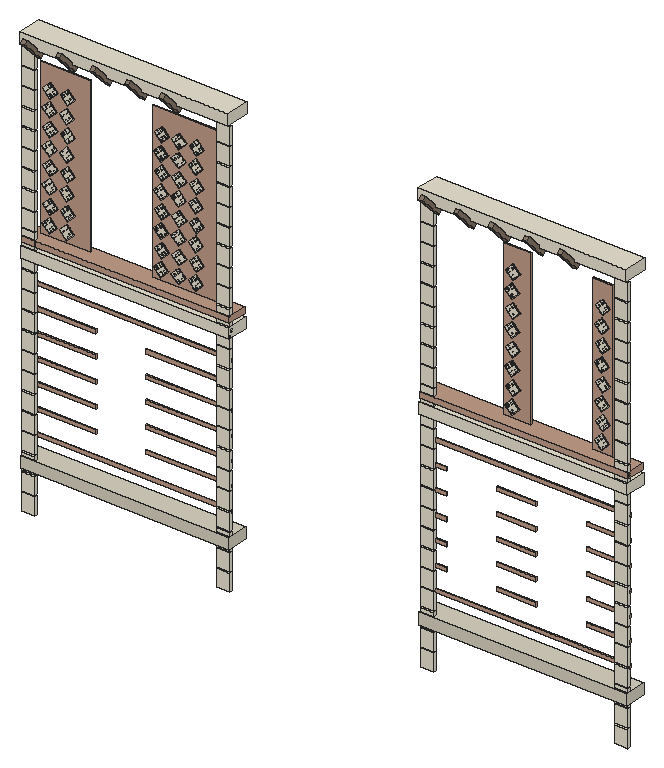
Revit family "AM_Detail_01_Masonry__observed_fronts", category Generic Models, Revit 2025 (continued)
Forms (mm)
  Extrusion 243, solid, material "AM Ivory carved stone"
    sketch origin (-3510, -6031, 6675) x (0, 0, 1) y (1, 0, 0)
      loop
        line (0, 0) -> (-55, 55) -> (-110, 0) -> (-55, -55) -> (0, 0)
    from 0 to 9
  Extrusion 244, solid, material "AM Ivory carved stone"
    sketch origin (-3290, -6031, 6675) x (0, 0, 1) y (1, 0, 0)
      loop
        line (0, 0) -> (-55, 55) -> (-110, 0) -> (-55, -55) -> (0, 0)
    from 0 to 9
  Extrusion 245, solid, material "AM Ivory carved stone"
    sketch origin (-3400, -6031, 6565) x (0, 0, 1) y (1, 0, 0)
      loop
        line (0, 0) -> (-55, 55) -> (-110, 0) -> (-55, -55) -> (0, 0)
    from 0 to 9
  Extrusion 246, solid, material "AM Ivory carved stone"
    sketch origin (-3400, -6031, 6785) x (0, 0, 1) y (1, 0, 0)
      loop
        line (0, 0) -> (-55, 55) -> (-110, 0) -> (-55, -55) -> (0, 0)
    from 0 to 9
  Extrusion 247, solid, material "AM Ivory carved stone"
    sketch origin (-3000, -6031, 6785) x (0, 0, 1) y (1, 0, 0)
      loop
        line (0, 0) -> (-165, 165) -> (-330, 0) -> (-165, -165) -> (0, 0)
    from 0 to 9
  Extrusion 248, solid, material "AM Ivory carved stone"
    sketch origin (-3110, -6031, 6675) x (0, 0, 1) y (1, 0, 0)
      loop
        line (0, 0) -> (-55, 55) -> (-110, 0) -> (-55, -55) -> (0, 0)
    from 0 to 9
  Extrusion 249, solid, material "AM Ivory carved stone"
    sketch origin (-2890, -6031, 6675) x (0, 0, 1) y (1, 0, 0)
      loop
        line (0, 0) -> (-55, 55) -> (-110, 0) -> (-55, -55) -> (0, 0)
    from 0 to 9
  Extrusion 250, solid, material "AM Ivory carved stone"
    sketch origin (-3000, -6031, 6565) x (0, 0, 1) y (1, 0, 0)
      loop
        line (0, 0) -> (-55, 55) -> (-110, 0) -> (-55, -55) -> (0, 0)
    from 0 to 9
  Extrusion 251, solid, material "AM Ivory carved stone"
    sketch origin (-3000, -6031, 6785) x (0, 0, 1) y (1, 0, 0)
      loop
        line (0, 0) -> (-55, 55) -> (-110, 0) -> (-55, -55) -> (0, 0)
    from 0 to 9
  Extrusion 252, solid, material "AM Ivory carved stone"
    sketch origin (-3820, -6031, 7185) x (0, 0, 1) y (1, 0, 0)
      loop
        line (0, 0) -> (-165, 165) -> (-330, 0) -> (-165, -165) -> (0, 0)
    from 0 to 9
  Extrusion 253, solid, material "AM Ivory carved stone"
    sketch origin (-3930, -6031, 7075) x (0, 0, 1) y (1, 0, 0)
      loop
        line (0, 0) -> (-55, 55) -> (-110, 0) -> (-55, -55) -> (0, 0)
    from 0 to 9
  Extrusion 254, solid, material "AM Ivory carved stone"
    sketch origin (-3710, -6031, 7075) x (0, 0, 1) y (1, 0, 0)
      loop
        line (0, 0) -> (-55, 55) -> (-110, 0) -> (-55, -55) -> (0, 0)
    from 0 to 9
  Extrusion 255, solid, material "AM Ivory carved stone"
    sketch origin (-3820, -6031, 6965) x (0, 0, 1) y (1, 0, 0)
      loop
        line (0, 0) -> (-55, 55) -> (-110, 0) -> (-55, -55) -> (0, 0)
    from 0 to 9
  Extrusion 256, solid, material "AM Ivory carved stone"
    sketch origin (-3820, -6031, 7185) x (0, 0, 1) y (1, 0, 0)
      loop
        line (0, 0) -> (-55, 55) -> (-110, 0) -> (-55, -55) -> (0, 0)
    from 0 to 9
  Extrusion 257, solid, material "AM Ivory carved stone"
    sketch origin (-3420, -6031, 7185) x (0, 0, 1) y (1, 0, 0)
      loop
        line (0, 0) -> (-165, 165) -> (-330, 0) -> (-165, -165) -> (0, 0)
    from 0 to 9
  Extrusion 258, solid, material "AM Ivory carved stone"
    sketch origin (-3530, -6031, 7075) x (0, 0, 1) y (1, 0, 0)
      loop
        line (0, 0) -> (-55, 55) -> (-110, 0) -> (-55, -55) -> (0, 0)
    from 0 to 9
  Extrusion 259, solid, material "AM Ivory carved stone"
    sketch origin (-3310, -6031, 7075) x (0, 0, 1) y (1, 0, 0)
      loop
        line (0, 0) -> (-55, 55) -> (-110, 0) -> (-55, -55) -> (0, 0)
    from 0 to 9
  Extrusion 260, solid, material "AM Ivory carved stone"
    sketch origin (-3420, -6031, 6965) x (0, 0, 1) y (1, 0, 0)
      loop
        line (0, 0) -> (-55, 55) -> (-110, 0) -> (-55, -55) -> (0, 0)
    from 0 to 9
  Extrusion 261, solid, material "AM Ivory carved stone"
    sketch origin (-3420, -6031, 7185) x (0, 0, 1) y (1, 0, 0)
      loop
        line (0, 0) -> (-55, 55) -> (-110, 0) -> (-55, -55) -> (0, 0)
    from 0 to 9
  Extrusion 262, solid, material "AM Ivory carved stone"
    sketch origin (-3020, -6031, 7185) x (0, 0, 1) y (1, 0, 0)
      loop
        line (0, 0) -> (-165, 165) -> (-330, 0) -> (-165, -165) -> (0, 0)
    from 0 to 9
  Extrusion 263, solid, material "AM Ivory carved stone"
    sketch origin (-3130, -6031, 7075) x (0, 0, 1) y (1, 0, 0)
      loop
        line (0, 0) -> (-55, 55) -> (-110, 0) -> (-55, -55) -> (0, 0)
    from 0 to 9
  Extrusion 264, solid, material "AM Ivory carved stone"
    sketch origin (-2910, -6031, 7075) x (0, 0, 1) y (1, 0, 0)
      loop
        line (0, 0) -> (-55, 55) -> (-110, 0) -> (-55, -55) -> (0, 0)
    from 0 to 9
  Extrusion 265, solid, material "AM Ivory carved stone"
    sketch origin (-3020, -6031, 6965) x (0, 0, 1) y (1, 0, 0)
      loop
        line (0, 0) -> (-55, 55) -> (-110, 0) -> (-55, -55) -> (0, 0)
    from 0 to 9
  Extrusion 266, solid, material "AM Ivory carved stone"
    sketch origin (-3020, -6031, 7185) x (0, 0, 1) y (1, 0, 0)
      loop
        line (0, 0) -> (-55, 55) -> (-110, 0) -> (-55, -55) -> (0, 0)
    from 0 to 9
  Extrusion 267, solid, material "AM Ivory carved stone"
    sketch origin (-3800, -6031, 7585) x (0, 0, 1) y (1, 0, 0)
      loop
        line (0, 0) -> (-165, 165) -> (-330, 0) -> (-165, -165) -> (0, 0)
    from 0 to 9
  Extrusion 268, solid, material "AM Ivory carved stone"
    sketch origin (-3910, -6031, 7475) x (0, 0, 1) y (1, 0, 0)
      loop
        line (0, 0) -> (-55, 55) -> (-110, 0) -> (-55, -55) -> (0, 0)
    from 0 to 9
  Extrusion 269, solid, material "AM Ivory carved stone"
    sketch origin (-3690, -6031, 7475) x (0, 0, 1) y (1, 0, 0)
      loop
        line (0, 0) -> (-55, 55) -> (-110, 0) -> (-55, -55) -> (0, 0)
    from 0 to 9
  Extrusion 270, solid, material "AM Ivory carved stone"
    sketch origin (-3800, -6031, 7365) x (0, 0, 1) y (1, 0, 0)
      loop
        line (0, 0) -> (-55, 55) -> (-110, 0) -> (-55, -55) -> (0, 0)
    from 0 to 9
  Extrusion 271, solid, material "AM Ivory carved stone"
    sketch origin (-3800, -6031, 7585) x (0, 0, 1) y (1, 0, 0)
      loop
        line (0, 0) -> (-55, 55) -> (-110, 0) -> (-55, -55) -> (0, 0)
    from 0 to 9
  Extrusion 272, solid, material "AM Ivory carved stone"
    sketch origin (-3400, -6031, 7585) x (0, 0, 1) y (1, 0, 0)
      loop
        line (0, 0) -> (-165, 165) -> (-330, 0) -> (-165, -165) -> (0, 0)
    from 0 to 9
  Extrusion 273, solid, material "AM Ivory carved stone"
    sketch origin (-3510, -6031, 7475) x (0, 0, 1) y (1, 0, 0)
      loop
        line (0, 0) -> (-55, 55) -> (-110, 0) -> (-55, -55) -> (0, 0)
    from 0 to 9
  Extrusion 274, solid, material "AM Ivory carved stone"
    sketch origin (-3290, -6031, 7475) x (0, 0, 1) y (1, 0, 0)
      loop
        line (0, 0) -> (-55, 55) -> (-110, 0) -> (-55, -55) -> (0, 0)
    from 0 to 9
  Extrusion 275, solid, material "AM Ivory carved stone"
    sketch origin (-3400, -6031, 7365) x (0, 0, 1) y (1, 0, 0)
      loop
        line (0, 0) -> (-55, 55) -> (-110, 0) -> (-55, -55) -> (0, 0)
    from 0 to 9
  Extrusion 276, solid, material "AM Ivory carved stone"
    sketch origin (-3400, -6031, 7585) x (0, 0, 1) y (1, 0, 0)
      loop
        line (0, 0) -> (-55, 55) -> (-110, 0) -> (-55, -55) -> (0, 0)
    from 0 to 9
  Extrusion 277, solid, material "AM Ivory carved stone"
    sketch origin (-3000, -6031, 7585) x (0, 0, 1) y (1, 0, 0)
      loop
        line (0, 0) -> (-165, 165) -> (-330, 0) -> (-165, -165) -> (0, 0)
    from 0 to 9
  Extrusion 278, solid, material "AM Ivory carved stone"
    sketch origin (-3110, -6031, 7475) x (0, 0, 1) y (1, 0, 0)
      loop
        line (0, 0) -> (-55, 55) -> (-110, 0) -> (-55, -55) -> (0, 0)
    from 0 to 9
  Extrusion 279, solid, material "AM Ivory carved stone"
    sketch origin (-2890, -6031, 7475) x (0, 0, 1) y (1, 0, 0)
      loop
        line (0, 0) -> (-55, 55) -> (-110, 0) -> (-55, -55) -> (0, 0)
    from 0 to 9
  Extrusion 280, solid, material "AM Ivory carved stone"
    sketch origin (-3000, -6031, 7365) x (0, 0, 1) y (1, 0, 0)
      loop
        line (0, 0) -> (-55, 55) -> (-110, 0) -> (-55, -55) -> (0, 0)
    from 0 to 9
  Extrusion 281, solid, material "AM Ivory carved stone"
    sketch origin (-3000, -6031, 7585) x (0, 0, 1) y (1, 0, 0)
      loop
        line (0, 0) -> (-55, 55) -> (-110, 0) -> (-55, -55) -> (0, 0)
    from 0 to 9
  Extrusion 282, solid, material "AM Ivory carved stone"
    sketch origin (-3820, -6031, 7985) x (0, 0, 1) y (1, 0, 0)
      loop
        line (0, 0) -> (-165, 165) -> (-330, 0) -> (-165, -165) -> (0, 0)
    from 0 to 9
  Extrusion 283, solid, material "AM Ivory carved stone"
    sketch origin (-3930, -6031, 7875) x (0, 0, 1) y (1, 0, 0)
      loop
        line (0, 0) -> (-55, 55) -> (-110, 0) -> (-55, -55) -> (0, 0)
    from 0 to 9
  Extrusion 284, solid, material "AM Ivory carved stone"
    sketch origin (-3710, -6031, 7875) x (0, 0, 1) y (1, 0, 0)
      loop
        line (0, 0) -> (-55, 55) -> (-110, 0) -> (-55, -55) -> (0, 0)
    from 0 to 9
  Extrusion 285, solid, material "AM Ivory carved stone"
    sketch origin (-3820, -6031, 7765) x (0, 0, 1) y (1, 0, 0)
      loop
        line (0, 0) -> (-55, 55) -> (-110, 0) -> (-55, -55) -> (0, 0)
    from 0 to 9
  Extrusion 286, solid, material "AM Ivory carved stone"
    sketch origin (-3820, -6031, 7985) x (0, 0, 1) y (1, 0, 0)
      loop
        line (0, 0) -> (-55, 55) -> (-110, 0) -> (-55, -55) -> (0, 0)
    from 0 to 9
  Extrusion 287, solid, material "AM Ivory carved stone"
    sketch origin (-3420, -6031, 7985) x (0, 0, 1) y (1, 0, 0)
      loop
        line (0, 0) -> (-165, 165) -> (-330, 0) -> (-165, -165) -> (0, 0)
    from 0 to 9
  Extrusion 288, solid, material "AM Ivory carved stone"
    sketch origin (-3530, -6031, 7875) x (0, 0, 1) y (1, 0, 0)
      loop
        line (0, 0) -> (-55, 55) -> (-110, 0) -> (-55, -55) -> (0, 0)
    from 0 to 9
  Extrusion 289, solid, material "AM Ivory carved stone"
    sketch origin (-3310, -6031, 7875) x (0, 0, 1) y (1, 0, 0)
      loop
        line (0, 0) -> (-55, 55) -> (-110, 0) -> (-55, -55) -> (0, 0)
    from 0 to 9
  Extrusion 290, solid, material "AM Ivory carved stone"
    sketch origin (-3420, -6031, 7765) x (0, 0, 1) y (1, 0, 0)
      loop
        line (0, 0) -> (-55, 55) -> (-110, 0) -> (-55, -55) -> (0, 0)
    from 0 to 9
  Extrusion 291, solid, material "AM Ivory carved stone"
    sketch origin (-3420, -6031, 7985) x (0, 0, 1) y (1, 0, 0)
      loop
        line (0, 0) -> (-55, 55) -> (-110, 0) -> (-55, -55) -> (0, 0)
    from 0 to 9
  Extrusion 292, solid, material "AM Ivory carved stone"
    sketch origin (-3020, -6031, 7985) x (0, 0, 1) y (1, 0, 0)
      loop
        line (0, 0) -> (-165, 165) -> (-330, 0) -> (-165, -165) -> (0, 0)
    from 0 to 9
  Extrusion 293, solid, material "AM Ivory carved stone"
    sketch origin (-3130, -6031, 7875) x (0, 0, 1) y (1, 0, 0)
      loop
        line (0, 0) -> (-55, 55) -> (-110, 0) -> (-55, -55) -> (0, 0)
    from 0 to 9
  Extrusion 294, solid, material "AM Ivory carved stone"
    sketch origin (-2910, -6031, 7875) x (0, 0, 1) y (1, 0, 0)
      loop
        line (0, 0) -> (-55, 55) -> (-110, 0) -> (-55, -55) -> (0, 0)
    from 0 to 9
  Extrusion 295, solid, material "AM Ivory carved stone"
    sketch origin (-3020, -6031, 7765) x (0, 0, 1) y (1, 0, 0)
      loop
        line (0, 0) -> (-55, 55) -> (-110, 0) -> (-55, -55) -> (0, 0)
    from 0 to 9
  Extrusion 296, solid, material "AM Ivory carved stone"
    sketch origin (-3020, -6031, 7985) x (0, 0, 1) y (1, 0, 0)
      loop
        line (0, 0) -> (-55, 55) -> (-110, 0) -> (-55, -55) -> (0, 0)
    from 0 to 9
  Extrusion 297, solid, material "AM Ivory carved stone"
    sketch origin (-3800, -6031, 8385) x (0, 0, 1) y (1, 0, 0)
      loop
        line (0, 0) -> (-165, 165) -> (-330, 0) -> (-165, -165) -> (0, 0)
    from 0 to 9
  Extrusion 298, solid, material "AM Ivory carved stone"
    sketch origin (-3910, -6031, 8275) x (0, 0, 1) y (1, 0, 0)
      loop
        line (0, 0) -> (-54.999, 55) -> (-110, 0) -> (-54.999, -55) -> (0, 0)
    from 0 to 9
  Extrusion 299, solid, material "AM Ivory carved stone"
    sketch origin (-3690, -6031, 8275) x (0, 0, 1) y (1, 0, 0)
      loop
        line (0, 0) -> (-54.999, 55) -> (-110, 0) -> (-54.999, -55) -> (0, 0)
    from 0 to 9
  Extrusion 300, solid, material "AM Ivory carved stone"
    sketch origin (-3800, -6031, 8165) x (0, 0, 1) y (1, 0, 0)
      loop
        line (0, 0) -> (-55, 55) -> (-110, 0) -> (-55, -55) -> (0, 0)
    from 0 to 9
  Extrusion 301, solid, material "AM Ivory carved stone"
    sketch origin (-3800, -6031, 8385) x (0, 0, 1) y (1, 0, 0)
      loop
        line (0, 0) -> (-55, 55) -> (-110.001, 0) -> (-55, -55) -> (0, 0)
    from 0 to 9
  Extrusion 302, solid, material "AM Ivory carved stone"
    sketch origin (-3400, -6031, 8385) x (0, 0, 1) y (1, 0, 0)
      loop
        line (0, 0) -> (-165, 165) -> (-330, 0) -> (-165, -165) -> (0, 0)
    from 0 to 9
  Extrusion 303, solid, material "AM Ivory carved stone"
    sketch origin (-3510, -6031, 8275) x (0, 0, 1) y (1, 0, 0)
      loop
        line (0, 0) -> (-54.999, 55) -> (-110, 0) -> (-54.999, -55) -> (0, 0)
    from 0 to 9
  Extrusion 304, solid, material "AM Ivory carved stone"
    sketch origin (-3290, -6031, 8275) x (0, 0, 1) y (1, 0, 0)
      loop
        line (0, 0) -> (-54.999, 55) -> (-110, 0) -> (-54.999, -55) -> (0, 0)
    from 0 to 9
  Extrusion 305, solid, material "AM Ivory carved stone"
    sketch origin (-3400, -6031, 8165) x (0, 0, 1) y (1, 0, 0)
      loop
        line (0, 0) -> (-55, 55) -> (-110, 0) -> (-55, -55) -> (0, 0)
    from 0 to 9
  Extrusion 306, solid, material "AM Ivory carved stone"
    sketch origin (-3400, -6031, 8385) x (0, 0, 1) y (1, 0, 0)
      loop
        line (0, 0) -> (-55, 55) -> (-110.001, 0) -> (-55, -55) -> (0, 0)
    from 0 to 9
  Extrusion 307, solid, material "AM Ivory carved stone"
    sketch origin (-3000, -6031, 8385) x (0, 0, 1) y (1, 0, 0)
      loop
        line (0, 0) -> (-165, 165) -> (-330, 0) -> (-165, -165) -> (0, 0)
    from 0 to 9
  Extrusion 308, solid, material "AM Ivory carved stone"
    sketch origin (-3110, -6031, 8275) x (0, 0, 1) y (1, 0, 0)
      loop
        line (0, 0) -> (-54.999, 55) -> (-110, 0) -> (-54.999, -55) -> (0, 0)
    from 0 to 9
  Extrusion 309, solid, material "AM Ivory carved stone"
    sketch origin (-2890, -6031, 8275) x (0, 0, 1) y (1, 0, 0)
      loop
        line (0, 0) -> (-54.999, 55) -> (-110, 0) -> (-54.999, -55) -> (0, 0)
    from 0 to 9
  Extrusion 310, solid, material "AM Ivory carved stone"
    sketch origin (-3000, -6031, 8165) x (0, 0, 1) y (1, 0, 0)
      loop
        line (0, 0) -> (-55, 55) -> (-110, 0) -> (-55, -55) -> (0, 0)
    from 0 to 9
  Extrusion 311, solid, material "AM Ivory carved stone"
    sketch origin (-3000, -6031, 8385) x (0, 0, 1) y (1, 0, 0)
      loop
        line (0, 0) -> (-55, 55) -> (-110.001, 0) -> (-55, -55) -> (0, 0)
    from 0 to 9
  Extrusion 312, solid, material "AM Ivory carved stone"
    sketch origin (-3820, -6031, 8785) x (0, 0, 1) y (1, 0, 0)
      loop
        line (0, 0) -> (-165, 165) -> (-330, 0) -> (-165, -165) -> (0, 0)
    from 0 to 9
  Extrusion 313, solid, material "AM Ivory carved stone"
    sketch origin (-3930, -6031, 8675) x (0, 0, 1) y (1, 0, 0)
      loop
        line (0, 0) -> (-55, 55) -> (-110.001, 0) -> (-55, -55) -> (0, 0)
    from 0 to 9
  Extrusion 314, solid, material "AM Ivory carved stone"
    sketch origin (-3710, -6031, 8675) x (0, 0, 1) y (1, 0, 0)
      loop
        line (0, 0) -> (-55, 55) -> (-110.001, 0) -> (-55, -55) -> (0, 0)
    from 0 to 9
  Extrusion 315, solid, material "AM Ivory carved stone"
    sketch origin (-3820, -6031, 8565) x (0, 0, 1) y (1, 0, 0)
      loop
        line (0, 0) -> (-54.999, 55) -> (-110, 0) -> (-54.999, -55) -> (0, 0)
    from 0 to 9
  Extrusion 316, solid, material "AM Ivory carved stone"
    sketch origin (-3820, -6031, 8785) x (0, 0, 1) y (1, 0, 0)
      loop
        line (0, 0) -> (-55, 55) -> (-110, 0) -> (-55, -55) -> (0, 0)
    from 0 to 9
  Extrusion 317, solid, material "AM Ivory carved stone"
    sketch origin (-3420, -6031, 8785) x (0, 0, 1) y (1, 0, 0)
      loop
        line (0, 0) -> (-165, 165) -> (-330, 0) -> (-165, -165) -> (0, 0)
    from 0 to 9
  Extrusion 318, solid, material "AM Ivory carved stone"
    sketch origin (-3530, -6031, 8675) x (0, 0, 1) y (1, 0, 0)
      loop
        line (0, 0) -> (-55, 55) -> (-110.001, 0) -> (-55, -55) -> (0, 0)
    from 0 to 9
  Extrusion 319, solid, material "AM Ivory carved stone"
    sketch origin (-3310, -6031, 8675) x (0, 0, 1) y (1, 0, 0)
      loop
        line (0, 0) -> (-55, 55) -> (-110.001, 0) -> (-55, -55) -> (0, 0)
    from 0 to 9
  Extrusion 320, solid, material "AM Ivory carved stone"
    sketch origin (-3420, -6031, 8565) x (0, 0, 1) y (1, 0, 0)
      loop
        line (0, 0) -> (-54.999, 55) -> (-110, 0) -> (-54.999, -55) -> (0, 0)
    from 0 to 9
  Extrusion 321, solid, material "AM Ivory carved stone"
    sketch origin (-3420, -6031, 8785) x (0, 0, 1) y (1, 0, 0)
      loop
        line (0, 0) -> (-55, 55) -> (-110, 0) -> (-55, -55) -> (0, 0)
    from 0 to 9
  Extrusion 322, solid, material "AM Ivory carved stone"
    sketch origin (-3020, -6031, 8785) x (0, 0, 1) y (1, 0, 0)
      loop
        line (0, 0) -> (-165, 165) -> (-330, 0) -> (-165, -165) -> (0, 0)
    from 0 to 9
  Extrusion 323, solid, material "AM Ivory carved stone"
    sketch origin (-3130, -6031, 8675) x (0, 0, 1) y (1, 0, 0)
      loop
        line (0, 0) -> (-55, 55) -> (-110.001, 0) -> (-55, -55) -> (0, 0)
    from 0 to 9
  Extrusion 324, solid, material "AM Ivory carved stone"
    sketch origin (-2910, -6031, 8675) x (0, 0, 1) y (1, 0, 0)
      loop
        line (0, 0) -> (-55, 55) -> (-110.001, 0) -> (-55, -55) -> (0, 0)
    from 0 to 9
  Extrusion 325, solid, material "AM Ivory carved stone"
    sketch origin (-3020, -6031, 8565) x (0, 0, 1) y (1, 0, 0)
      loop
        line (0, 0) -> (-54.999, 55) -> (-110, 0) -> (-54.999, -55) -> (0, 0)
    from 0 to 9
  Extrusion 326, solid, material "AM Ivory carved stone"
    sketch origin (-3020, -6031, 8785) x (0, 0, 1) y (1, 0, 0)
      loop
        line (0, 0) -> (-55, 55) -> (-110, 0) -> (-55, -55) -> (0, 0)
    from 0 to 9
  Extrusion 327, solid, material "AM Ivory carved stone"
    sketch origin (-3800, -6031, 9185) x (0, 0, 1) y (1, 0, 0)
      loop
        line (0, 0) -> (-165, 165) -> (-330.001, 0) -> (-165, -165) -> (0, 0)
    from 0 to 9
  Extrusion 328, solid, material "AM Ivory carved stone"
    sketch origin (-3910, -6031, 9075) x (0, 0, 1) y (1, 0, 0)
      loop
        line (0, 0) -> (-54.999, 55) -> (-110, 0) -> (-54.999, -55) -> (0, 0)
    from 0 to 9
  Extrusion 329, solid, material "AM Ivory carved stone"
    sketch origin (-3690, -6031, 9075) x (0, 0, 1) y (1, 0, 0)
      loop
        line (0, 0) -> (-54.999, 55) -> (-110, 0) -> (-54.999, -55) -> (0, 0)
    from 0 to 9
  Extrusion 330, solid, material "AM Ivory carved stone"
    sketch origin (-3800, -6031, 8965) x (0, 0, 1) y (1, 0, 0)
      loop
        line (0, 0) -> (-55, 55) -> (-110.001, 0) -> (-55, -55) -> (0, 0)
    from 0 to 9
  Extrusion 331, solid, material "AM Ivory carved stone"
    sketch origin (-3800, -6031, 9185) x (0, 0, 1) y (1, 0, 0)
      loop
        line (0, 0) -> (-55, 55) -> (-110.001, 0) -> (-55, -55) -> (0, 0)
    from 0 to 9
  Extrusion 332, solid, material "AM Ivory carved stone"
    sketch origin (-3400, -6031, 9185) x (0, 0, 1) y (1, 0, 0)
      loop
        line (0, 0) -> (-165, 165) -> (-330.001, 0) -> (-165, -165) -> (0, 0)
    from 0 to 9
  Extrusion 333, solid, material "AM Ivory carved stone"
    sketch origin (-3510, -6031, 9075) x (0, 0, 1) y (1, 0, 0)
      loop
        line (0, 0) -> (-54.999, 55) -> (-110, 0) -> (-54.999, -55) -> (0, 0)
    from 0 to 9
  Extrusion 334, solid, material "AM Ivory carved stone"
    sketch origin (-3290, -6031, 9075) x (0, 0, 1) y (1, 0, 0)
      loop
        line (0, 0) -> (-54.999, 55) -> (-110, 0) -> (-54.999, -55) -> (0, 0)
    from 0 to 9
  Extrusion 335, solid, material "AM Ivory carved stone"
    sketch origin (-3400, -6031, 8965) x (0, 0, 1) y (1, 0, 0)
      loop
        line (0, 0) -> (-55, 55) -> (-110.001, 0) -> (-55, -55) -> (0, 0)
    from 0 to 9
  Extrusion 336, solid, material "AM Ivory carved stone"
    sketch origin (-3400, -6031, 9185) x (0, 0, 1) y (1, 0, 0)
      loop
        line (0, 0) -> (-55, 55) -> (-110.001, 0) -> (-55, -55) -> (0, 0)
    from 0 to 9
  Extrusion 337, solid, material "AM Ivory carved stone"
    sketch origin (-3000, -6031, 9185) x (0, 0, 1) y (1, 0, 0)
      loop
        line (0, 0) -> (-165, 165) -> (-330.001, 0) -> (-165, -165) -> (0, 0)
    from 0 to 9
  Extrusion 338, solid, material "AM Ivory carved stone"
    sketch origin (-3110, -6031, 9075) x (0, 0, 1) y (1, 0, 0)
      loop
        line (0, 0) -> (-54.999, 55) -> (-110, 0) -> (-54.999, -55) -> (0, 0)
    from 0 to 9
  Extrusion 339, solid, material "AM Ivory carved stone"
    sketch origin (-2890, -6031, 9075) x (0, 0, 1) y (1, 0, 0)
      loop
        line (0, 0) -> (-54.999, 55) -> (-110, 0) -> (-54.999, -55) -> (0, 0)
    from 0 to 9
  Extrusion 340, solid, material "AM Ivory carved stone"
    sketch origin (-3000, -6031, 8965) x (0, 0, 1) y (1, 0, 0)
      loop
        line (0, 0) -> (-55, 55) -> (-110.001, 0) -> (-55, -55) -> (0, 0)
    from 0 to 9
  Extrusion 341, solid, material "AM Ivory carved stone"
    sketch origin (-3000, -6031, 9185) x (0, 0, 1) y (1, 0, 0)
      loop
        line (0, 0) -> (-55, 55) -> (-110.001, 0) -> (-55, -55) -> (0, 0)
    from 0 to 9
  Extrusion 342, solid, material "AM Faded terracotta masonry"
    sketch origin (4090, -6022.5, 6000) x (1, 0, 0) y (0, 1, 0)
      loop
        line (0, 0) -> (620, 0) -> (620, 25) -> (0, 25) -> (0, 0)
    from 0 to 3550
  Extrusion 343, solid, material "AM Ivory carved stone"
    sketch origin (4290, -6031, 6385) x (0, 0, 1) y (1, 0, 0)
      loop
        line (0, 0) -> (-165, 165) -> (-330, 0) -> (-165, -165) -> (0, 0)
    from 0 to 9
  Extrusion 344, solid, material "AM Ivory carved stone"
    sketch origin (4180, -6031, 6275) x (0, 0, 1) y (1, 0, 0)
      loop
        line (0, 0) -> (-55, 55) -> (-110, 0) -> (-55, -55) -> (0, 0)
    from 0 to 9
  Extrusion 345, solid, material "AM Ivory carved stone"
    sketch origin (4400, -6031, 6275) x (0, 0, 1) y (1, 0, 0)
      loop
        line (0, 0) -> (-55, 55) -> (-110, 0) -> (-55, -55) -> (0, 0)
    from 0 to 9
  Extrusion 346, solid, material "AM Ivory carved stone"
    sketch origin (4290, -6031, 6165) x (0, 0, 1) y (1, 0, 0)
      loop
        line (0, 0) -> (-55, 55) -> (-110, 0) -> (-55, -55) -> (0, 0)
    from 0 to 9
  Extrusion 347, solid, material "AM Ivory carved stone"
    sketch origin (4290, -6031, 6385) x (0, 0, 1) y (1, 0, 0)
      loop
        line (0, 0) -> (-55, 55) -> (-110, 0) -> (-55, -55) -> (0, 0)
    from 0 to 9
  Extrusion 348, solid, material "AM Ivory carved stone"
    sketch origin (4310, -6031, 6785) x (0, 0, 1) y (1, 0, 0)
      loop
        line (0, 0) -> (-165, 165) -> (-330, 0) -> (-165, -165) -> (0, 0)
    from 0 to 9
  Extrusion 349, solid, material "AM Ivory carved stone"
    sketch origin (4200, -6031, 6675) x (0, 0, 1) y (1, 0, 0)
      loop
        line (0, 0) -> (-55, 55) -> (-110, 0) -> (-55, -55) -> (0, 0)
    from 0 to 9
  Extrusion 350, solid, material "AM Ivory carved stone"
    sketch origin (4420, -6031, 6675) x (0, 0, 1) y (1, 0, 0)
      loop
        line (0, 0) -> (-55, 55) -> (-110, 0) -> (-55, -55) -> (0, 0)
    from 0 to 9
  Extrusion 351, solid, material "AM Ivory carved stone"
    sketch origin (4310, -6031, 6565) x (0, 0, 1) y (1, 0, 0)
      loop
        line (0, 0) -> (-55, 55) -> (-110, 0) -> (-55, -55) -> (0, 0)
    from 0 to 9
  Extrusion 352, solid, material "AM Ivory carved stone"
    sketch origin (4310, -6031, 6785) x (0, 0, 1) y (1, 0, 0)
      loop
        line (0, 0) -> (-55, 55) -> (-110, 0) -> (-55, -55) -> (0, 0)
    from 0 to 9
  Extrusion 353, solid, material "AM Ivory carved stone"
    sketch origin (4290, -6031, 7185) x (0, 0, 1) y (1, 0, 0)
      loop
        line (0, 0) -> (-165, 165) -> (-330, 0) -> (-165, -165) -> (0, 0)
    from 0 to 9
  Extrusion 354, solid, material "AM Ivory carved stone"
    sketch origin (4180, -6031, 7075) x (0, 0, 1) y (1, 0, 0)
      loop
        line (0, 0) -> (-55, 55) -> (-110, 0) -> (-55, -55) -> (0, 0)
    from 0 to 9
  Extrusion 355, solid, material "AM Ivory carved stone"
    sketch origin (4400, -6031, 7075) x (0, 0, 1) y (1, 0, 0)
      loop
        line (0, 0) -> (-55, 55) -> (-110, 0) -> (-55, -55) -> (0, 0)
    from 0 to 9
  Extrusion 356, solid, material "AM Ivory carved stone"
    sketch origin (4290, -6031, 6965) x (0, 0, 1) y (1, 0, 0)
      loop
        line (0, 0) -> (-55, 55) -> (-110, 0) -> (-55, -55) -> (0, 0)
    from 0 to 9
  Extrusion 357, solid, material "AM Ivory carved stone"
    sketch origin (4290, -6031, 7185) x (0, 0, 1) y (1, 0, 0)
      loop
        line (0, 0) -> (-55, 55) -> (-110, 0) -> (-55, -55) -> (0, 0)
    from 0 to 9
  Extrusion 358, solid, material "AM Ivory carved stone"
    sketch origin (4310, -6031, 7585) x (0, 0, 1) y (1, 0, 0)
      loop
        line (0, 0) -> (-165, 165) -> (-330, 0) -> (-165, -165) -> (0, 0)
    from 0 to 9
  Extrusion 359, solid, material "AM Ivory carved stone"
    sketch origin (4200, -6031, 7475) x (0, 0, 1) y (1, 0, 0)
      loop
        line (0, 0) -> (-55, 55) -> (-110, 0) -> (-55, -55) -> (0, 0)
    from 0 to 9
  Extrusion 360, solid, material "AM Ivory carved stone"
    sketch origin (4420, -6031, 7475) x (0, 0, 1) y (1, 0, 0)
      loop
        line (0, 0) -> (-55, 55) -> (-110, 0) -> (-55, -55) -> (0, 0)
    from 0 to 9
  Extrusion 361, solid, material "AM Ivory carved stone"
    sketch origin (4310, -6031, 7365) x (0, 0, 1) y (1, 0, 0)
      loop
        line (0, 0) -> (-55, 55) -> (-110, 0) -> (-55, -55) -> (0, 0)
    from 0 to 9
  Extrusion 362, solid, material "AM Ivory carved stone"
    sketch origin (4310, -6031, 7585) x (0, 0, 1) y (1, 0, 0)
      loop
        line (0, 0) -> (-55, 55) -> (-110, 0) -> (-55, -55) -> (0, 0)
    from 0 to 9
  Extrusion 363, solid, material "AM Ivory carved stone"
    sketch origin (4290, -6031, 7985) x (0, 0, 1) y (1, 0, 0)
      loop
        line (0, 0) -> (-165, 165) -> (-330, 0) -> (-165, -165) -> (0, 0)
    from 0 to 9
  Extrusion 364, solid, material "AM Ivory carved stone"
    sketch origin (4180, -6031, 7875) x (0, 0, 1) y (1, 0, 0)
      loop
        line (0, 0) -> (-55, 55) -> (-110, 0) -> (-55, -55) -> (0, 0)
    from 0 to 9
  Extrusion 365, solid, material "AM Ivory carved stone"
    sketch origin (4400, -6031, 7875) x (0, 0, 1) y (1, 0, 0)
      loop
        line (0, 0) -> (-55, 55) -> (-110, 0) -> (-55, -55) -> (0, 0)
    from 0 to 9
  Extrusion 366, solid, material "AM Ivory carved stone"
    sketch origin (4290, -6031, 7765) x (0, 0, 1) y (1, 0, 0)
      loop
        line (0, 0) -> (-55, 55) -> (-110, 0) -> (-55, -55) -> (0, 0)
    from 0 to 9
  Extrusion 367, solid, material "AM Ivory carved stone"
    sketch origin (4290, -6031, 7985) x (0, 0, 1) y (1, 0, 0)
      loop
        line (0, 0) -> (-55, 55) -> (-110, 0) -> (-55, -55) -> (0, 0)
    from 0 to 9
  Extrusion 368, solid, material "AM Ivory carved stone"
    sketch origin (4310, -6031, 8385) x (0, 0, 1) y (1, 0, 0)
      loop
        line (0, 0) -> (-165, 165) -> (-330, 0) -> (-165, -165) -> (0, 0)
    from 0 to 9
  Extrusion 369, solid, material "AM Ivory carved stone"
    sketch origin (4200, -6031, 8275) x (0, 0, 1) y (1, 0, 0)
      loop
        line (0, 0) -> (-54.999, 55) -> (-110, 0) -> (-54.999, -55) -> (0, 0)
    from 0 to 9
  Extrusion 370, solid, material "AM Ivory carved stone"
    sketch origin (4420, -6031, 8275) x (0, 0, 1) y (1, 0, 0)
      loop
        line (0, 0) -> (-54.999, 55) -> (-110, 0) -> (-54.999, -55) -> (0, 0)
    from 0 to 9
  Extrusion 371, solid, material "AM Ivory carved stone"
    sketch origin (4310, -6031, 8165) x (0, 0, 1) y (1, 0, 0)
      loop
        line (0, 0) -> (-55, 55) -> (-110, 0) -> (-55, -55) -> (0, 0)
    from 0 to 9
  Extrusion 372, solid, material "AM Ivory carved stone"
    sketch origin (4310, -6031, 8385) x (0, 0, 1) y (1, 0, 0)
      loop
        line (0, 0) -> (-55, 55) -> (-110.001, 0) -> (-55, -55) -> (0, 0)
    from 0 to 9
  Extrusion 373, solid, material "AM Ivory carved stone"
    sketch origin (4290, -6031, 8785) x (0, 0, 1) y (1, 0, 0)
      loop
        line (0, 0) -> (-165, 165) -> (-330, 0) -> (-165, -165) -> (0, 0)
    from 0 to 9
  Extrusion 374, solid, material "AM Ivory carved stone"
    sketch origin (4180, -6031, 8675) x (0, 0, 1) y (1, 0, 0)
      loop
        line (0, 0) -> (-55, 55) -> (-110.001, 0) -> (-55, -55) -> (0, 0)
    from 0 to 9
  Extrusion 375, solid, material "AM Ivory carved stone"
    sketch origin (4400, -6031, 8675) x (0, 0, 1) y (1, 0, 0)
      loop
        line (0, 0) -> (-55, 55) -> (-110.001, 0) -> (-55, -55) -> (0, 0)
    from 0 to 9
  Extrusion 376, solid, material "AM Ivory carved stone"
    sketch origin (4290, -6031, 8565) x (0, 0, 1) y (1, 0, 0)
      loop
        line (0, 0) -> (-54.999, 55) -> (-110, 0) -> (-54.999, -55) -> (0, 0)
    from 0 to 9
  Extrusion 377, solid, material "AM Ivory carved stone"
    sketch origin (4290, -6031, 8785) x (0, 0, 1) y (1, 0, 0)
      loop
        line (0, 0) -> (-55, 55) -> (-110, 0) -> (-55, -55) -> (0, 0)
    from 0 to 9
  Extrusion 378, solid, material "AM Ivory carved stone"
    sketch origin (4310, -6031, 9185) x (0, 0, 1) y (1, 0, 0)
      loop
        line (0, 0) -> (-165, 165) -> (-330.001, 0) -> (-165, -165) -> (0, 0)
    from 0 to 9
  Extrusion 379, solid, material "AM Ivory carved stone"
    sketch origin (4200, -6031, 9075) x (0, 0, 1) y (1, 0, 0)
      loop
        line (0, 0) -> (-54.999, 55) -> (-110, 0) -> (-54.999, -55) -> (0, 0)
    from 0 to 9
  Extrusion 380, solid, material "AM Ivory carved stone"
    sketch origin (4420, -6031, 9075) x (0, 0, 1) y (1, 0, 0)
      loop
        line (0, 0) -> (-54.999, 55) -> (-110, 0) -> (-54.999, -55) -> (0, 0)
    from 0 to 9
  Extrusion 381, solid, material "AM Ivory carved stone"
    sketch origin (4310, -6031, 8965) x (0, 0, 1) y (1, 0, 0)
      loop
        line (0, 0) -> (-55, 55) -> (-110.001, 0) -> (-55, -55) -> (0, 0)
    from 0 to 9
  Extrusion 382, solid, material "AM Ivory carved stone"
    sketch origin (4310, -6031, 9185) x (0, 0, 1) y (1, 0, 0)
      loop
        line (0, 0) -> (-55, 55) -> (-110.001, 0) -> (-55, -55) -> (0, 0)
    from 0 to 9
  Extrusion 383, solid, material "AM Faded terracotta masonry"
    sketch origin (6160, -6022.5, 6000) x (1, 0, 0) y (0, 1, 0)
      loop
        line (0, 0) -> (460, 0) -> (460, 25) -> (0, 25) -> (0, 0)
    from 0 to 3550
  Extrusion 384, solid, material "AM Ivory carved stone"
    sketch origin (6360, -6031, 6385) x (0, 0, 1) y (1, 0, 0)
      loop
        line (0, 0) -> (-165, 165) -> (-330, 0) -> (-165, -165) -> (0, 0)
    from 0 to 9
  Extrusion 385, solid, material "AM Ivory carved stone"
    sketch origin (6250, -6031, 6275) x (0, 0, 1) y (1, 0, 0)
      loop
        line (0, 0) -> (-55, 55) -> (-110, 0) -> (-55, -55) -> (0, 0)
    from 0 to 9
  Extrusion 386, solid, material "AM Ivory carved stone"
    sketch origin (6470, -6031, 6275) x (0, 0, 1) y (1, 0, 0)
      loop
        line (0, 0) -> (-55, 55) -> (-110, 0) -> (-55, -55) -> (0, 0)
    from 0 to 9
  Extrusion 387, solid, material "AM Ivory carved stone"
    sketch origin (6360, -6031, 6165) x (0, 0, 1) y (1, 0, 0)
      loop
        line (0, 0) -> (-55, 55) -> (-110, 0) -> (-55, -55) -> (0, 0)
    from 0 to 9
  Extrusion 388, solid, material "AM Ivory carved stone"
    sketch origin (6360, -6031, 6385) x (0, 0, 1) y (1, 0, 0)
      loop
        line (0, 0) -> (-55, 55) -> (-110, 0) -> (-55, -55) -> (0, 0)
    from 0 to 9
  Extrusion 389, solid, material "AM Ivory carved stone"
    sketch origin (6380, -6031, 6785) x (0, 0, 1) y (1, 0, 0)
      loop
        line (0, 0) -> (-165, 165) -> (-330, 0) -> (-165, -165) -> (0, 0)
    from 0 to 9
  Extrusion 390, solid, material "AM Ivory carved stone"
    sketch origin (6270, -6031, 6675) x (0, 0, 1) y (1, 0, 0)
      loop
        line (0, 0) -> (-55, 55) -> (-110, 0) -> (-55, -55) -> (0, 0)
    from 0 to 9
  Extrusion 391, solid, material "AM Ivory carved stone"
    sketch origin (6490, -6031, 6675) x (0, 0, 1) y (1, 0, 0)
      loop
        line (0, 0) -> (-55, 55) -> (-110, 0) -> (-55, -55) -> (0, 0)
    from 0 to 9
  Extrusion 392, solid, material "AM Ivory carved stone"
    sketch origin (6380, -6031, 6565) x (0, 0, 1) y (1, 0, 0)
      loop
        line (0, 0) -> (-55, 55) -> (-110, 0) -> (-55, -55) -> (0, 0)
    from 0 to 9
  Extrusion 393, solid, material "AM Ivory carved stone"
    sketch origin (6380, -6031, 6785) x (0, 0, 1) y (1, 0, 0)
      loop
        line (0, 0) -> (-55, 55) -> (-110, 0) -> (-55, -55) -> (0, 0)
    from 0 to 9
  Extrusion 394, solid, material "AM Ivory carved stone"
    sketch origin (6360, -6031, 7185) x (0, 0, 1) y (1, 0, 0)
      loop
        line (0, 0) -> (-165, 165) -> (-330, 0) -> (-165, -165) -> (0, 0)
    from 0 to 9
  Extrusion 395, solid, material "AM Ivory carved stone"
    sketch origin (6250, -6031, 7075) x (0, 0, 1) y (1, 0, 0)
      loop
        line (0, 0) -> (-55, 55) -> (-110, 0) -> (-55, -55) -> (0, 0)
    from 0 to 9
  Extrusion 396, solid, material "AM Ivory carved stone"
    sketch origin (6470, -6031, 7075) x (0, 0, 1) y (1, 0, 0)
      loop
        line (0, 0) -> (-55, 55) -> (-110, 0) -> (-55, -55) -> (0, 0)
    from 0 to 9
  Extrusion 397, solid, material "AM Ivory carved stone"
    sketch origin (6360, -6031, 6965) x (0, 0, 1) y (1, 0, 0)
      loop
        line (0, 0) -> (-55, 55) -> (-110, 0) -> (-55, -55) -> (0, 0)
    from 0 to 9
  Extrusion 398, solid, material "AM Ivory carved stone"
    sketch origin (6360, -6031, 7185) x (0, 0, 1) y (1, 0, 0)
      loop
        line (0, 0) -> (-55, 55) -> (-110, 0) -> (-55, -55) -> (0, 0)
    from 0 to 9
  Extrusion 399, solid, material "AM Ivory carved stone"
    sketch origin (6380, -6031, 7585) x (0, 0, 1) y (1, 0, 0)
      loop
        line (0, 0) -> (-165, 165) -> (-330, 0) -> (-165, -165) -> (0, 0)
    from 0 to 9
  Extrusion 400, solid, material "AM Ivory carved stone"
    sketch origin (6270, -6031, 7475) x (0, 0, 1) y (1, 0, 0)
      loop
        line (0, 0) -> (-55, 55) -> (-110, 0) -> (-55, -55) -> (0, 0)
    from 0 to 9
  Extrusion 401, solid, material "AM Ivory carved stone"
    sketch origin (6490, -6031, 7475) x (0, 0, 1) y (1, 0, 0)
      loop
        line (0, 0) -> (-55, 55) -> (-110, 0) -> (-55, -55) -> (0, 0)
    from 0 to 9
  Extrusion 402, solid, material "AM Ivory carved stone"
    sketch origin (6380, -6031, 7365) x (0, 0, 1) y (1, 0, 0)
      loop
        line (0, 0) -> (-55, 55) -> (-110, 0) -> (-55, -55) -> (0, 0)
    from 0 to 9
  Extrusion 403, solid, material "AM Ivory carved stone"
    sketch origin (6380, -6031, 7585) x (0, 0, 1) y (1, 0, 0)
      loop
        line (0, 0) -> (-55, 55) -> (-110, 0) -> (-55, -55) -> (0, 0)
    from 0 to 9
  Extrusion 404, solid, material "AM Ivory carved stone"
    sketch origin (6360, -6031, 7985) x (0, 0, 1) y (1, 0, 0)
      loop
        line (0, 0) -> (-165, 165) -> (-330, 0) -> (-165, -165) -> (0, 0)
    from 0 to 9
  Extrusion 405, solid, material "AM Ivory carved stone"
    sketch origin (6250, -6031, 7875) x (0, 0, 1) y (1, 0, 0)
      loop
        line (0, 0) -> (-55, 55) -> (-110, 0) -> (-55, -55) -> (0, 0)
    from 0 to 9
  Extrusion 406, solid, material "AM Ivory carved stone"
    sketch origin (6470, -6031, 7875) x (0, 0, 1) y (1, 0, 0)
      loop
        line (0, 0) -> (-55, 55) -> (-110, 0) -> (-55, -55) -> (0, 0)
    from 0 to 9
  Extrusion 407, solid, material "AM Ivory carved stone"
    sketch origin (6360, -6031, 7765) x (0, 0, 1) y (1, 0, 0)
      loop
        line (0, 0) -> (-55, 55) -> (-110, 0) -> (-55, -55) -> (0, 0)
    from 0 to 9
  Extrusion 408, solid, material "AM Ivory carved stone"
    sketch origin (6360, -6031, 7985) x (0, 0, 1) y (1, 0, 0)
      loop
        line (0, 0) -> (-55, 55) -> (-110, 0) -> (-55, -55) -> (0, 0)
    from 0 to 9
  Extrusion 409, solid, material "AM Ivory carved stone"
    sketch origin (6380, -6031, 8385) x (0, 0, 1) y (1, 0, 0)
      loop
        line (0, 0) -> (-165, 165) -> (-330, 0) -> (-165, -165) -> (0, 0)
    from 0 to 9
  Extrusion 410, solid, material "AM Ivory carved stone"
    sketch origin (6270, -6031, 8275) x (0, 0, 1) y (1, 0, 0)
      loop
        line (0, 0) -> (-54.999, 55) -> (-110, 0) -> (-54.999, -55) -> (0, 0)
    from 0 to 9
  Extrusion 411, solid, material "AM Ivory carved stone"
    sketch origin (6490, -6031, 8275) x (0, 0, 1) y (1, 0, 0)
      loop
        line (0, 0) -> (-54.999, 55) -> (-110, 0) -> (-54.999, -55) -> (0, 0)
    from 0 to 9
  Extrusion 412, solid, material "AM Ivory carved stone"
    sketch origin (6380, -6031, 8165) x (0, 0, 1) y (1, 0, 0)
      loop
        line (0, 0) -> (-55, 55) -> (-110, 0) -> (-55, -55) -> (0, 0)
    from 0 to 9
  Extrusion 413, solid, material "AM Ivory carved stone"
    sketch origin (6380, -6031, 8385) x (0, 0, 1) y (1, 0, 0)
      loop
        line (0, 0) -> (-55, 55) -> (-110.001, 0) -> (-55, -55) -> (0, 0)
    from 0 to 9
  Extrusion 414, solid, material "AM Ivory carved stone"
    sketch origin (6360, -6031, 8785) x (0, 0, 1) y (1, 0, 0)
      loop
        line (0, 0) -> (-165, 165) -> (-330, 0) -> (-165, -165) -> (0, 0)
    from 0 to 9
  Extrusion 415, solid, material "AM Ivory carved stone"
    sketch origin (6250, -6031, 8675) x (0, 0, 1) y (1, 0, 0)
      loop
        line (0, 0) -> (-55, 55) -> (-110.001, 0) -> (-55, -55) -> (0, 0)
    from 0 to 9
  Extrusion 416, solid, material "AM Ivory carved stone"
    sketch origin (6470, -6031, 8675) x (0, 0, 1) y (1, 0, 0)
      loop
        line (0, 0) -> (-55, 55) -> (-110.001, 0) -> (-55, -55) -> (0, 0)
    from 0 to 9
  Extrusion 417, solid, material "AM Ivory carved stone"
    sketch origin (6360, -6031, 8565) x (0, 0, 1) y (1, 0, 0)
      loop
        line (0, 0) -> (-54.999, 55) -> (-110, 0) -> (-54.999, -55) -> (0, 0)
    from 0 to 9
  Extrusion 418, solid, material "AM Ivory carved stone"
    sketch origin (6360, -6031, 8785) x (0, 0, 1) y (1, 0, 0)
      loop
        line (0, 0) -> (-55, 55) -> (-110, 0) -> (-55, -55) -> (0, 0)
    from 0 to 9
  Extrusion 419, solid, material "AM Ivory carved stone"
    sketch origin (6380, -6031, 9185) x (0, 0, 1) y (1, 0, 0)
      loop
        line (0, 0) -> (-165, 165) -> (-330.001, 0) -> (-165, -165) -> (0, 0)
    from 0 to 9
  Extrusion 420, solid, material "AM Ivory carved stone"
    sketch origin (6270, -6031, 9075) x (0, 0, 1) y (1, 0, 0)
      loop
        line (0, 0) -> (-54.999, 55) -> (-110, 0) -> (-54.999, -55) -> (0, 0)
    from 0 to 9
  Extrusion 421, solid, material "AM Ivory carved stone"
    sketch origin (6490, -6031, 9075) x (0, 0, 1) y (1, 0, 0)
      loop
        line (0, 0) -> (-54.999, 55) -> (-110, 0) -> (-54.999, -55) -> (0, 0)
    from 0 to 9
  Extrusion 422, solid, material "AM Ivory carved stone"
    sketch origin (6380, -6031, 8965) x (0, 0, 1) y (1, 0, 0)
      loop
        line (0, 0) -> (-55, 55) -> (-110.001, 0) -> (-55, -55) -> (0, 0)
    from 0 to 9
  Extrusion 423, solid, material "AM Ivory carved stone"
    sketch origin (6380, -6031, 9185) x (0, 0, 1) y (1, 0, 0)
      loop
        line (0, 0) -> (-55, 55) -> (-110.001, 0) -> (-55, -55) -> (0, 0)
    from 0 to 9
Dimensions and locks
  aligned and locked: level to plane 2
